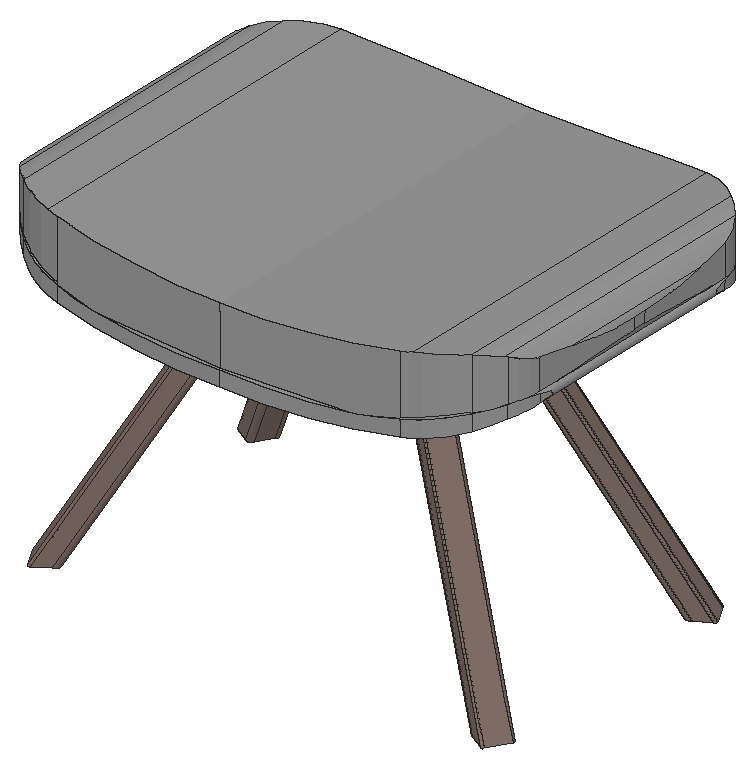
Revit family "Haworth_P22_Ottoman", category Furniture, Revit 2018
Family settings
  OmniClass Number = 23.40.70.14.64.21
  OmniClass Title = Systems Furniture
  Work Plane-Based = No
  Always vertical = Yes
  Cut with Voids When Loaded = No
  Shared = No
  Room Calculation Point = No
Parameters (values of type "Ottoman")
  Warranty = "http://www.haworth.com/resources/product-info/warranties"
  URL - Product = "https://www.haworth.com/na/en/products/lounge-sofas/ottomans/p22.html"
  URL = "https://www.haworth.com/na/en/about/brands/haworth-collection.html"
  Sustainability Info = "https://www.haworth.com/na/en/expertise/sustainability.html"
  Size = "Verify Final Dim. w/ Haworth"  # constant formula
  Revision Number = "1"  # constant formula
  Model = "P22"  # constant formula
  Manufacturer = "Haworth"  # constant formula
  Leg Finish [instance] = Haworth _ Wood _ Undecided
  Description = "Haworth - Cassina - P22 - Ottoman"  # constant formula
  Upholstery Finish [instance] = Haworth _ Fabric _ Undecided _ Seating _ Lounge
  Author = "Haworth (Bentzen)"  # constant formula
  Assembly Code = "E2020200"
  Actual Width = 24.00"  # constant formula
  Actual Height = 16.10"  # constant formula
  Actual Depth = 18.10"  # constant formula
Reference planes (in)
  plane 1: z = 0
  plane 2: y = 35.45927
  plane 3: x = 27.15222
  plane 4: x = 15.15222
  plane 5: x = 39.15222
  plane 6: y = 44.50927
  plane 7: y = 26.40927
Lines and regions (in)
  Masking region 1
    outline origin (0, 0, 0) x (1, 0, 0) y (0, 1, 0)
      loop
        arc (19.07855, 44.21215) -> (17.75288, 43.8234) -> (16.5786, 43.09568) r 5.1408
        arc (16.5786, 43.09568) -> (16.08295, 42.63913) -> (15.64019, 42.13111) r 6.1531
        arc (15.64019, 42.13111) -> (15.30076, 41.55197) -> (15.12414, 40.90433) r 2.55108
        arc (15.12414, 40.90433) -> (14.86665, 38.34773) -> (14.78294, 35.77956) r 37.9081
        line (14.78294, 35.77956) -> (14.78294, 35.13899)
        arc (14.78294, 35.13899) -> (14.86665, 32.57082) -> (15.12414, 30.01422) r 37.9081
        arc (15.12414, 30.01422) -> (15.30076, 29.36658) -> (15.64019, 28.78744) r 2.55108
        arc (15.64019, 28.78744) -> (16.08295, 28.27942) -> (16.5786, 27.82287) r 6.1531
        arc (16.5786, 27.82287) -> (17.75288, 27.09514) -> (19.07855, 26.7064) r 5.1408
        arc (19.07855, 26.7064) -> (23.10413, 26.26997) -> (27.15222, 26.17674) r 47.67116
        arc (27.15222, 26.17674) -> (31.20031, 26.26997) -> (35.22588, 26.7064) r 47.67116
        arc (35.22588, 26.7064) -> (36.55155, 27.09514) -> (37.72583, 27.82287) r 5.1408
        arc (37.72583, 27.82287) -> (38.22149, 28.27942) -> (38.66425, 28.78744) r 6.1531
        arc (38.66425, 28.78744) -> (39.00368, 29.36658) -> (39.18029, 30.01422) r 2.55108
        arc (39.18029, 30.01422) -> (39.43778, 32.57082) -> (39.52149, 35.13899) r 37.9081
        line (39.52149, 35.13899) -> (39.52149, 35.77956)
        arc (39.52149, 35.77956) -> (39.43778, 38.34773) -> (39.18029, 40.90433) r 37.9081
        arc (39.18029, 40.90433) -> (39.00368, 41.55197) -> (38.66425, 42.13111) r 2.55108
        arc (38.66425, 42.13111) -> (38.22149, 42.63913) -> (37.72583, 43.09568) r 6.1531
        arc (37.72583, 43.09568) -> (36.55155, 43.8234) -> (35.22588, 44.21215) r 5.1408
        arc (35.22588, 44.21215) -> (31.20031, 44.64858) -> (27.15222, 44.74181) r 47.67116
        arc (27.15222, 44.74181) -> (23.10413, 44.64858) -> (19.07855, 44.21215) r 47.67116
Dimensions and locks (in)
  "Actual Width": plane 4 to plane 5
  "Actual Depth": plane 6 to plane 7
Automatic sketch dimensions
  Masking region 1 sketch curve to plane 3 = 0.00"  (x2)
  plane 3 to Masking region 1 sketch curve = 0.92741"  (x2)
  Masking region 1 sketch curve to plane 2 = 2.88915"  (x2)
  plane 4 to Masking region 1 sketch curve = 5.34101"  (x2)
  plane 2 to Masking region 1 sketch curve = 2.88915"  (x2)
  Masking region 1 sketch curve to Masking region 1 sketch curve = 0.64403"  (x4)
  plane 4 to Masking region 1 sketch curve = 2.50005"  (x2)
  Masking region 1 sketch curve to plane 4 = 0.36927"
  Masking region 1 sketch curve to plane 2 = 0.37016"  (x2)
  Masking region 1 sketch curve to Masking region 1 sketch curve = 13.16952"  (x2)
  plane 2 to Masking region 1 sketch curve = 0.37016"  (x2)
  Masking region 1 sketch curve to Masking region 1 sketch curve = 0.00"  (x18)
  Masking region 1 sketch curve to plane 3 = 0.92741"  (x2)
  plane 5 to Masking region 1 sketch curve = 5.34101"  (x2)
  plane 5 to Masking region 1 sketch curve = 2.50005"  (x2)
  Masking region 1 sketch curve to plane 5 = 0.36927"
  Masking region 1 sketch curve to Masking region 1 sketch curve = 0.78101"  (x4)
  Masking region 1 sketch curve to Masking region 1 sketch curve = 1.43337"  (x4)
  Masking region 1 sketch curve to plane 2 = 0.32029"  (x2)
  plane 2 to Masking region 1 sketch curve = 0.32029"  (x2)
  Masking region 1 sketch curve to Masking region 1 sketch curve = 33.27607"  (x2)
Nested families (in)
  nested 1: "Haworth_P22_Ottoman_PART_Legs" at (-21.50803, 28.52127, 0) x (0.8585, -0.5127, 0) z (0, 0, 1), Leg Finish <- "Leg Finish", type "Leg"
    with Leg Finish Haworth _ Wood _ Undecided
  nested 2: "Haworth_P22_Ottoman_PART_Legs" at (8.77148, -10.12588, 0) x (0.8738, 0.4863, 0) z (0, 0, 1), Leg Finish <- "Leg Finish", type "Leg"
    with Leg Finish Haworth _ Wood _ Undecided
  nested 3: "Haworth_P22_Ottoman_PART_Cushion" at (0, 0, -0.375), Upholstery Finish <- "Upholstery Finish", type "Cushion"
    with Upholstery Finish Haworth _ Fabric _ Undecided _ Seating _ Lounge
Definition of nested family "Haworth_P22_Ottoman_PART_Legs"
  Parameters (values of type "Leg")
    Warranty = "http://www.haworth.com/resources/product-info/warranties"
    URL - Product = "https://www.haworth.com/na/en/products/lounge-sofas/ottomans/p22.html"
    URL = "https://www.haworth.com/na/en/about/brands/haworth-collection.html"
    Sustainability Info = "https://www.haworth.com/na/en/expertise/sustainability.html"
    Size = "Verify Final Dim. w/ Haworth"  # constant formula
    Revision Number = "1"  # constant formula
    Model = "P22"  # constant formula
    Manufacturer = "Haworth"  # constant formula
    Leg Finish [instance] = none
    Description = "Haworth - Cassina - P22 - Ottoman"  # constant formula
    Author = "Haworth (Bentzen)"  # constant formula
    Assembly Code = "E2020200"
  Reference planes (in)
    plane 1: z = 0
    plane 2 "mid": y = 30.86346
    plane 3: z = -2
  Forms (in)
    Sweep 1, solid, material <- "Leg Finish"
      path origin (0, 30.86346, 0) x (-1, 0, 0) y (0, 0, 1)
        loop
          line (-25.32451, -2) -> (-33.13505, 11.03697)
          arc (-33.13505, 11.03697) -> (-33.55481, 11.44667) -> (-34.12199, 11.59619) r 1.1505
          line (-34.12199, 11.59619) -> (-42.05633, 11.59619)
          arc (-42.05633, 11.59619) -> (-42.62245, 11.44473) -> (-43.04355, 11.03718) r 1.16694
          line (-43.04355, 11.03718) -> (-50.99972, -2)
      profile origin (38.08916, 30.86346, 11.59619) x (0, 0, -1) y (0, 1, 0)
        loop
          line (-1.06278, 0.58887) -> (-1.06278, -0.55009)
          arc (-1.06278, -0.55009) -> (-1.03349, -0.6208) -> (-0.96278, -0.65009) r 0.1
          line (-0.96278, -0.65009) -> (-0.25, -0.65009)
          arc (-0.25, -0.65009) -> (-0.07322, -0.57687) -> (0, -0.40009) r 0.25
          line (0, -0.40009) -> (0, 0.43887)
          arc (0, 0.43887) -> (-0.07322, 0.61565) -> (-0.25, 0.68887) r 0.25
          line (-0.25, 0.68887) -> (-0.96278, 0.68887)
          arc (-0.96278, 0.68887) -> (-1.03349, 0.65958) -> (-1.06278, 0.58887) r 0.1
    Extrusion 2, void
      sketch origin (0, 30.86346, 0) x (-1, 0, 0) y (0, 0, 1)
        loop
          line (-21.74548, 0) -> (-55.49548, 0) -> (-55.49548, -3) -> (-21.74548, -3) -> (-21.74548, 0)
      from -14.1187 to 14.08739
  Cuts and joins
    Extrusion 2 cuts Sweep 1
Definition of nested family "Haworth_P22_Ottoman_PART_Cushion"
  Parameters (values of type "Cushion")
    Warranty = "http://www.haworth.com/resources/product-info/warranties"
    URL - Product = "https://www.haworth.com/na/en/products/lounge-sofas/ottomans/p22.html"
    URL = "https://www.haworth.com/na/en/about/brands/haworth-collection.html"
    Sustainability Info = "https://www.haworth.com/na/en/expertise/sustainability.html"
    Size = "Verify Final Dim. w/ Haworth"  # constant formula
    Revision Number = "1"  # constant formula
    Model = "P22"  # constant formula
    Manufacturer = "Haworth"  # constant formula
    Description = "Haworth - Cassina - P22 - Ottoman"  # constant formula
    Upholstery Finish [instance] = none
    Author = "Haworth (Bentzen)"  # constant formula
    Assembly Code = "E2020200"
  Reference planes (in)
    plane 1: z = 0
    plane 2 "Center (Front/Back)": y = 35.45927
    plane 3: x = 27.15222
    plane 4 "Top": z = 17.25
  Forms (in)
    Extrusion 1, solid, material <- "Upholstery Finish"
      sketch origin (0, 35.45927, 0) x (-1, 0, 0) y (0, 0, 1)
        loop
          arc (-27.15222, 12.84605) -> (-22.8311, 12.95767) -> (-18.53463, 13.43196) r 51.40061
          arc (-18.53463, 13.43196) -> (-16.83644, 13.86303) -> (-15.25259, 14.6121) r 9.08391
          arc (-15.25259, 14.6121) -> (-15.17475, 14.66568) -> (-15.10444, 14.72883) r 0.73334
          arc (-15.10444, 14.72883) -> (-15.05217, 14.98594) -> (-15.26519, 15.13912) r 0.24161
          arc (-15.26519, 15.13912) -> (-18.081, 14.31788) -> (-20.96114, 13.76298) r 31.39818
          arc (-20.96114, 13.76298) -> (-27.15222, 13.56217) -> (-33.34329, 13.76298) r 95.53621
          arc (-33.34329, 13.76298) -> (-36.22344, 14.31788) -> (-39.03924, 15.13912) r 31.39818
          arc (-39.03924, 15.13912) -> (-39.25226, 14.98594) -> (-39.19999, 14.72883) r 0.24161
          arc (-39.19999, 14.72883) -> (-39.12969, 14.66568) -> (-39.05184, 14.6121) r 0.73334
          arc (-39.05184, 14.6121) -> (-37.46799, 13.86303) -> (-35.7698, 13.43196) r 9.08391
          arc (-35.7698, 13.43196) -> (-31.47334, 12.95767) -> (-27.15222, 12.84605) r 51.40061
      from -13.78414 to 14.51656
    Extrusion 2, solid, material <- "Upholstery Finish"
      sketch origin (0, 35.45927, 0) x (-1, 0, 0) y (0, 0, 1)
        loop
          arc (-20.96114, 13.76298) -> (-18.081, 14.31788) -> (-15.26519, 15.13912) r 31.39818
          arc (-15.26519, 15.13912) -> (-14.77156, 15.71669) -> (-14.93033, 16.4597) r 0.85769
          arc (-14.93033, 16.4597) -> (-15.2908, 16.80434) -> (-15.73177, 17.03731) r 1.8067
          arc (-15.73177, 17.03731) -> (-16.15835, 17.15285) -> (-16.59816, 17.19628) r 2.66369
          arc (-16.59816, 17.19628) -> (-17.56384, 17.17143) -> (-18.52423, 17.06739) r 11.7589
          arc (-18.52423, 17.06739) -> (-27.15222, 16.42346) -> (-35.7802, 17.06739) r 58.12448
          arc (-35.7802, 17.06739) -> (-36.74059, 17.17143) -> (-37.70628, 17.19628) r 11.7589
          arc (-37.70628, 17.19628) -> (-38.14609, 17.15285) -> (-38.57267, 17.03731) r 2.66369
          arc (-38.57267, 17.03731) -> (-39.01363, 16.80434) -> (-39.37411, 16.4597) r 1.8067
          arc (-39.37411, 16.4597) -> (-39.53287, 15.71669) -> (-39.03924, 15.13912) r 0.85769
          arc (-39.03924, 15.13912) -> (-36.22344, 14.31788) -> (-33.34329, 13.76298) r 31.39818
          arc (-33.34329, 13.76298) -> (-27.15222, 13.56217) -> (-20.96114, 13.76298) r 95.53621
      from -13.78414 to 14.51656
    Extrusion 3, void
      sketch origin (0, 0, 0) x (1, 0, 0) y (0, 1, 0)
        loop
          arc (27.15222, 44.74181) -> (23.10413, 44.64858) -> (19.07855, 44.21215) r 47.67116
          arc (19.07855, 44.21215) -> (17.75288, 43.8234) -> (16.5786, 43.09568) r 5.1408
          arc (16.5786, 43.09568) -> (16.08295, 42.63913) -> (15.64019, 42.13111) r 6.1531
          arc (15.64019, 42.13111) -> (15.30076, 41.55197) -> (15.12414, 40.90433) r 2.55108
          arc (15.12414, 40.90433) -> (14.86665, 38.34773) -> (14.78294, 35.77956) r 37.9081
          line (14.78294, 35.77956) -> (14.78294, 35.13899)
          arc (14.78294, 35.13899) -> (14.86665, 32.57082) -> (15.12414, 30.01422) r 37.9081
          arc (15.12414, 30.01422) -> (15.30076, 29.36658) -> (15.64019, 28.78744) r 2.55108
          arc (15.64019, 28.78744) -> (16.08295, 28.27942) -> (16.5786, 27.82287) r 6.1531
          arc (16.5786, 27.82287) -> (17.75288, 27.09514) -> (19.07855, 26.7064) r 5.1408
          arc (19.07855, 26.7064) -> (23.10413, 26.26997) -> (27.15222, 26.17674) r 47.67116
          arc (27.15222, 26.17674) -> (31.20031, 26.26997) -> (35.22588, 26.7064) r 47.67116
          arc (35.22588, 26.7064) -> (36.55155, 27.09514) -> (37.72583, 27.82287) r 5.1408
          arc (37.72583, 27.82287) -> (38.22149, 28.27942) -> (38.66425, 28.78744) r 6.1531
          arc (38.66425, 28.78744) -> (39.00368, 29.36658) -> (39.18029, 30.01422) r 2.55108
          arc (39.18029, 30.01422) -> (39.43778, 32.57082) -> (39.52149, 35.13899) r 37.9081
          line (39.52149, 35.13899) -> (39.52149, 35.77956)
          arc (39.52149, 35.77956) -> (39.43778, 38.34773) -> (39.18029, 40.90433) r 37.9081
          arc (39.18029, 40.90433) -> (39.00368, 41.55197) -> (38.66425, 42.13111) r 2.55108
          arc (38.66425, 42.13111) -> (38.22149, 42.63913) -> (37.72583, 43.09568) r 6.1531
          arc (37.72583, 43.09568) -> (36.55155, 43.8234) -> (35.22588, 44.21215) r 5.1408
          arc (35.22588, 44.21215) -> (31.20031, 44.64858) -> (27.15222, 44.74181) r 47.67116
        loop
          line (7.60204, 53.30048) -> (7.60204, 16.30048) -> (46.60204, 16.30048) -> (46.60204, 53.30048) -> (7.60204, 53.30048)
      from 0 to 28
  Cuts and joins
    Extrusion 3 cuts Extrusion 1
    Extrusion 3 cuts Extrusion 2
